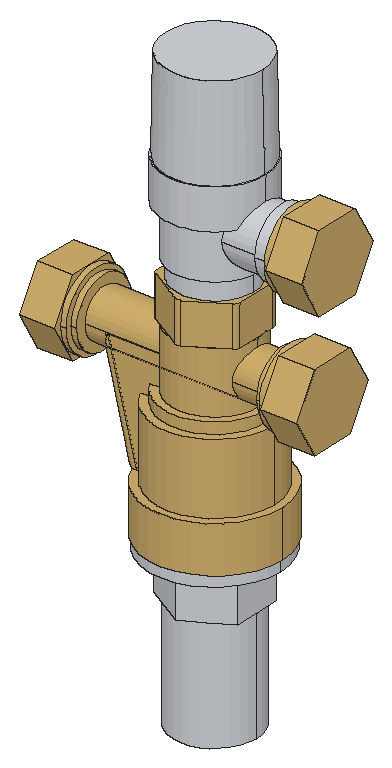
Revit family
Parameters (values of type "KHN3.104")
  URL = "http://www.autospec.co.za/browse.php?id=1644179288"
  Radius of Pipe = Diameter of Pipe / 2  # 7.5 mm
  Product Code = "KHN3.104"
  Pressure Rating = 400 kPa
  OmniClass Title = ""
  OmniClass Number = ""
  Modspec Classification = ""
  Specification = ""
  Location (revit room) = ""
  Model = "Pressure Control Mono Valve KHN3.104"
  Manufacturer = "Kwikot"  # constant formula
  Material = DZR Brass
  Diameter of Pipe = 15 mm
  Colour = none
  Body Finish = none
  Assembly Code = "D2090800"
Reference planes
  plane 1 "Center (Front/Back)": y = 0
  plane 2: z = 0
  plane 3 "Center (Left/Right)": x = 0
  plane 4: z = -102
  plane 5: z = 85
  plane 6: z = -67
  plane 7: x = 13
  plane 8: x = -13
  plane 9: z = -49.4
  plane 10: z = -34.9
  plane 11: z = -52.865
  plane 12: z = -12.9
  plane 13: z = -9.4
  plane 14: z = 9.6
  plane 15: z = 22.1
  plane 16: z = 28.1
  plane 17: z = 43.6
  plane 18: z = 56
  plane 19: x = 21.5
  plane 20: x = -34.5
  plane 21: x = 36.5
  plane 22: x = -49.5
  plane 23: x = 23.5
  plane 24: x = 25.5
  plane 25: x = -36.5
  plane 26: x = -38.5
  plane 27: z = 39.2
  plane 28: x = 38
  plane 29: x = 27
  plane 30: x = -6.5
Forms (mm)
  Extrusion 1, solid, detail levels fine
    sketch origin (-440, -1524, -102) x (-1, 0, 0) y (0, -1, 0)
      loop
        circle (-440, -1524) r 13
    from 0 to 35
  Extrusion 2, solid, detail levels fine
    sketch origin (-440, -1524, -67) x (-1, 0, 0) y (0, -1, 0)
      loop
        line (-453, -1531.506) -> (-440, -1539.011) -> (-427, -1531.506) -> (-427, -1516.494) -> (-440, -1508.989) -> (-453, -1516.494) -> (-453, -1531.506)
    from 0 to 14.135
  Extrusion 3, solid, detail levels fine
    sketch origin (-20.969, -1524, -52.865) x (-1, 0, 0) y (0, -1, 0)
      loop
        circle (-20.969, -1524) r 20.5
    from 0 to 3.465
  Extrusion 4, solid, material "DZR Brass" <- "Material", detail levels fine
    sketch origin (-165.612, -1524, -49.4) x (-1, 0, 0) y (0, -1, 0)
      loop
        circle (-165.612, -1524) r 21
    from 0 to 14.5
  Extrusion 5, solid, material "DZR Brass" <- "Material", detail levels fine
    sketch origin (0, 0, 0) x (0, 1, 0) y (0, 0, 1)
      loop
        circle (0, 0) r 7.5
    from 21.5 to -34.5
  Extrusion 6, solid, material "DZR Brass" <- "Material", detail levels fine
    sketch origin (-165.612, -1524, -34.9) x (-1, 0, 0) y (0, -1, 0)
      loop
        circle (-165.612, -1524) r 18.5
    from 0 to 22
  Extrusion 7, solid, material "DZR Brass" <- "Material", detail levels fine
    sketch origin (-60.699, -1524, -12.9) x (-1, 0, 0) y (0, -1, 0)
      loop
        circle (-60.699, -1524) r 16
    from 0 to 3.5
  Extrusion 8, solid, material "DZR Brass" <- "Material", detail levels fine
    sketch origin (-60.699, -1524, -9.4) x (-1, 0, 0) y (0, -1, 0)
      loop
        circle (-60.699, -1524) r 13.5
    from 0 to 19
  Blend 9, solid, material "DZR Brass" <- "Material", detail levels fine
    base sketch origin (-60.699, -1524, -9.4) x (-1, 0, 0) y (0, -1, 0)
      loop
        arc (-33.344, -1531.5) -> (-32.119, -1531.239) -> (-31.108, -1530.5) r 3
        arc (-31.108, -1530.5) -> (-28.625, -1524) -> (-31.108, -1517.5) r 9.75
        arc (-31.108, -1517.5) -> (-32.119, -1516.761) -> (-33.344, -1516.5) r 3
        line (-33.344, -1516.5) -> (-54.199, -1516.5) -> (-54.199, -1531.5) -> (-33.344, -1531.5)
    top sketch origin (-60.699, -1524, -9.4) x (-1, 0, 0) y (0, -1, 0)
      loop
        line (-54.199, -1531.5) -> (-41.076, -1531.5)
        arc (-41.076, -1531.5) -> (-39.522, -1530.951) -> (-38.659, -1529.548) r 2.472
        arc (-38.659, -1529.548) -> (-37.702, -1524.321) -> (-38.455, -1519.06) r 16.5
        arc (-38.455, -1519.06) -> (-40.056, -1517.196) -> (-42.412, -1516.5) r 4.338
        line (-42.412, -1516.5) -> (-54.199, -1516.5) -> (-54.199, -1531.5)
    from 9.4 to -25.5
  Extrusion 10, solid, material "DZR Brass" <- "Material", detail levels fine
    sketch origin (-60.699, -1524, 9.6) x (-1, 0, 0) y (0, -1, 0)
      loop
        line (-72.699, -1532.083) -> (-61.699, -1538.434)
        arc (-61.699, -1538.434) -> (-60.699, -1538.702) -> (-59.699, -1538.434) r 2
        line (-59.699, -1538.434) -> (-48.699, -1532.083)
        arc (-48.699, -1532.083) -> (-47.967, -1531.351) -> (-47.699, -1530.351) r 2
        line (-47.699, -1530.351) -> (-47.699, -1517.649)
        arc (-47.699, -1517.649) -> (-47.967, -1516.649) -> (-48.699, -1515.917) r 2
        line (-48.699, -1515.917) -> (-59.699, -1509.566)
        arc (-59.699, -1509.566) -> (-60.699, -1509.298) -> (-61.699, -1509.566) r 2
        line (-61.699, -1509.566) -> (-72.699, -1515.917)
        arc (-72.699, -1515.917) -> (-73.431, -1516.649) -> (-73.699, -1517.649) r 2
        line (-73.699, -1517.649) -> (-73.699, -1530.351)
        arc (-73.699, -1530.351) -> (-73.431, -1531.351) -> (-72.699, -1532.083) r 2
    from 0 to 12.5
  Extrusion 11, solid, detail levels fine
    sketch origin (-60.699, -1524, 22.1) x (-1, 0, 0) y (0, -1, 0)
      loop
        circle (-60.699, -1524) r 12.2
    from 0 to 6
  Extrusion 12, solid, detail levels fine
    sketch origin (-60.699, -1524, 28.1) x (-1, 0, 0) y (0, -1, 0)
      loop
        circle (-60.699, -1524) r 13.5
    from 0 to 15.5
  Extrusion 13, solid, detail levels fine
    sketch origin (-60.699, -1524, 43.6) x (-1, 0, 0) y (0, -1, 0)
      loop
        circle (-60.699, -1524) r 16
    from 0 to 12.4
  Blend 14, solid, detail levels fine
    base sketch origin (-60.699, -1524, 56) x (-1, 0, 0) y (0, -1, 0)
      loop
        circle (-60.699, -1524) r 15.5
    top sketch origin (-60.699, -1524, 56) x (-1, 0, 0) y (0, -1, 0)
      loop
        circle (-60.699, -1524) r 15
    from 0 to 29
  Extrusion 15, solid, material "DZR Brass" <- "Material", detail levels fine
    sketch origin (21.5, -1524, -21.263) x (0, 0, -1) y (0, -1, 0)
      loop
        circle (-21.263, -1524) r 10.5
    from 0 to -2
  Extrusion 16, solid, material "DZR Brass" <- "Material", detail levels fine
    sketch origin (-34.5, -1524, -21.263) x (0, 0, -1) y (0, -1, 0)
      loop
        circle (-21.263, -1524) r 10.5
    from 0 to 2
  Extrusion 17, solid, material "DZR Brass" <- "Material", detail levels fine
    sketch origin (21.5, -1524, -21.263) x (0, 0, -1) y (0, -1, 0)
      loop
        circle (-21.263, -1524) r 12
    from -2 to -4
  Extrusion 18, solid, material "DZR Brass" <- "Material", detail levels fine
    sketch origin (-34.5, -1524, -21.263) x (0, 0, -1) y (0, -1, 0)
      loop
        circle (-21.263, -1524) r 12
    from 2 to 4
  Extrusion 19, solid, material "DZR Brass" <- "Material", detail levels fine
    sketch origin (25.5, -1524, -21.263) x (0, 0, -1) y (0, -1, 0)
      loop
        line (-9.263, -1517.072) -> (-21.263, -1510.144) -> (-33.263, -1517.072) -> (-33.263, -1530.928) -> (-21.263, -1537.856) -> (-9.263, -1530.928) -> (-9.263, -1517.072)
    from 0 to -11
  Extrusion 20, solid, material "DZR Brass" <- "Material", detail levels fine
    sketch origin (-38.5, -1524, -21.263) x (0, 0, -1) y (0, -1, 0)
      loop
        line (-33.263, -1517.072) -> (-33.263, -1530.928) -> (-21.263, -1537.856) -> (-9.263, -1530.928) -> (-9.263, -1517.072) -> (-21.263, -1510.144) -> (-33.263, -1517.072)
    from 0 to 11
  Extrusion 21, solid, detail levels fine
    sketch origin (0, 0, 0) x (0, 1, 0) y (0, 0, 1)
      loop
        circle (0, 39.2) r 9.5
    from 0 to 20.8
  Extrusion 22, solid, detail levels fine
    sketch origin (0, 0, 0) x (0, 1, 0) y (0, 0, 1)
      loop
        circle (0, 39.2) r 10.45
    from 20.8 to 25
  Extrusion 23, solid, material "DZR Brass" <- "Material", detail levels fine
    sketch origin (0, 0, 0) x (0, 1, 0) y (0, 0, 1)
      loop
        circle (0, 39.2) r 12
    from 25 to 27
  Extrusion 24, solid, material "DZR Brass" <- "Material", detail levels fine
    sketch origin (38, -1524, 63.742) x (0, 0, 1) y (0, -1, 0)
      loop
        line (-12.542, -1517.072) -> (-24.542, -1510.144) -> (-36.542, -1517.072) -> (-36.542, -1530.928) -> (-24.542, -1537.856) -> (-12.542, -1530.928) -> (-12.542, -1517.072)
    from 0 to -11
Cuts and joins
  joined: Extrusion 11, Extrusion 12, Extrusion 13, Blend 14, Extrusion 21, Extrusion 22
  joined: Extrusion 23, Extrusion 24
  joined: Extrusion 1, Extrusion 2, Extrusion 3
  joined: Extrusion 5, Extrusion 10, Extrusion 15, Extrusion 16, Extrusion 17, Extrusion 18, Extrusion 19, Extrusion 20
  joined: Extrusion 4, Extrusion 6, Extrusion 7, Extrusion 8, Blend 9
Lines and regions (mm)
  model lines
    curve 1: line (-6.5, 0, 0) -> (-6.5, 27.166, 0)
    curve 2: line (-16.5, 27.166, 0) -> (3.5, 27.166, 0)
    curve 3: arc (-16.5, 27.166, 0) -> (-6.5, 30.985, 0) -> (3.5, 27.166, 0) r 15
    curve 4: line (-6.5, 30.985, 0) -> (-6.5, 42.166, 0)
    curve 5: line (-6.5, 42.166, 0) -> (29.75, 42.166, 0)
    curve 6: line (29.75, 42.166, 0) -> (29.75, 0, 0)
    curve 7: line (-34.5, -10.5, 0) -> (-34.5, 10.5, 0)
    curve 8: line (-34.5, 10.5, 0) -> (21.5, -10.5, 0)
    curve 9: line (-34.5, -10.5, 0) -> (21.5, 10.5, 0)
    curve 10: line (21.5, -10.5, 0) -> (21.5, 10.5, 0)
    curve 11: line (-34.5, 0, 0) -> (-49.5, 0, 0)
    curve 12: line (21.5, 0, 0) -> (36.5, 0, 0)
Dimensions and locks
  level to plane 4 = 102 mm
  plane 6 to plane 4 = 35 mm
  plane 8 to plane 7 = 26 mm
  plane 3 "Center (Left/Right)" to plane 19 = 21.5 mm
  plane 20 to plane 19 = 56 mm
  plane 3 "Center (Left/Right)" to plane 21 = 36.5 mm
  plane 22 to plane 3 "Center (Left/Right)" = 49.5 mm
  plane 27 to plane 2 = 39.2 mm
  plane 28 to plane 3 "Center (Left/Right)" = 38 mm
  plane 28 to plane 29 = 11 mm
  plane 29 to plane 3 "Center (Left/Right)" = 27 mm
  "Radius of Pipe": plane 1 "Center (Front/Back)" to Blend 9 sketch curve
  equal spacing: Blend 9 sketch curve, plane 1 "Center (Front/Back)", Blend 9 sketch curve
  plane 20 to Blend 9 sketch curve = 2.426 mm
  plane 20 to Blend 9 sketch curve = 11.5 mm
  radius of Extrusion 1 sketch curve = 13 mm
  "Radius of Pipe": radius of Extrusion 5 sketch curve
  radius of Extrusion 21 sketch curve = 9.5 mm
  radius of Extrusion 23 sketch curve = 12 mm
  radius of Extrusion 22 sketch curve = 10.45 mm
  aligned and locked: level to plane 2
  aligned and locked: plane 6 to Extrusion 1
  aligned and locked: Extrusion 1 to plane 4
  aligned and locked: plane 11 to Extrusion 2
  aligned and locked: Extrusion 2 to plane 6
  aligned and locked: plane 9 to Extrusion 3
  aligned and locked: Extrusion 3 to Extrusion 2
  aligned and locked: plane 10 to Extrusion 4
  aligned and locked: Extrusion 4 to plane 9
  aligned and locked: plane 12 to Extrusion 6
  aligned and locked: Extrusion 6 to plane 10
  aligned and locked: plane 13 to Extrusion 7
  aligned and locked: Extrusion 7 to plane 12
  aligned and locked: plane 14 to Extrusion 8
  aligned and locked: Extrusion 8 to Extrusion 7
  aligned and locked: plane 15 to Extrusion 10
  aligned and locked: Extrusion 10 to Extrusion 8
  aligned and locked: plane 16 to Extrusion 11
  aligned and locked: Extrusion 11 to plane 15
  aligned and locked: plane 17 to Extrusion 12
  aligned and locked: Extrusion 12 to plane 16
  aligned and locked: plane 18 to Extrusion 13
  aligned and locked: Extrusion 13 to plane 17
  aligned and locked: plane 5 to Blend 14
  aligned and locked: Blend 14 to plane 18
  aligned and locked: plane 20 to Extrusion 5
  aligned and locked: Extrusion 5 to plane 19
  aligned: Extrusion 16 sketch curve to Extrusion 15
  aligned and locked: Extrusion 16 sketch curve to Extrusion 15
  aligned and locked: Extrusion 17 to Extrusion 15
  aligned: Extrusion 18 sketch curve to Extrusion 17
  aligned and locked: Extrusion 18 sketch curve to Extrusion 17
  aligned and locked: Extrusion 15 to plane 23
  aligned and locked: plane 23 to Extrusion 17
  aligned and locked: Extrusion 17 to plane 24
  aligned and locked: plane 25 to Extrusion 16
  aligned and locked: Extrusion 18 to Extrusion 16
  aligned and locked: plane 26 to Extrusion 18
  aligned and locked: Extrusion 19 to Extrusion 17
  aligned and locked: Extrusion 19 to plane 21
  aligned and locked: plane 22 to Extrusion 20
  aligned and locked: Extrusion 20 to Extrusion 18
  aligned and locked: plane 1 "Center (Front/Back)" to Extrusion 21 sketch curve
  aligned and locked: plane 27 to Extrusion 21 sketch curve
  aligned and locked: plane 27 to Extrusion 22 sketch curve
  aligned and locked: plane 1 "Center (Front/Back)" to Extrusion 22 sketch curve
  aligned and locked: plane 27 to Extrusion 23 sketch curve
  aligned and locked: plane 1 "Center (Front/Back)" to Extrusion 23 sketch curve
  aligned and locked: plane 29 to Extrusion 23
  aligned and locked: plane 28 to Extrusion 24
  aligned and locked: Extrusion 24 to plane 29
  aligned and locked: plane 30 to Blend 9 sketch curve
  aligned and locked: plane 1 "Center (Front/Back)" to Blend 9 sketch curve
  aligned and locked: Blend 9 sketch curve to var sketch  (x2)
  aligned and locked: var sketch to Blend 9 sketch curve
  aligned and locked: cut or joined group of Extrusion 5, Extrusion 10, Extrusion 15, Extrusion 16, Extrusion 17, Extrusion 18, Extrusion 19, Extrusion 20 to curve 12
Automatic sketch dimensions
  plane 1 "Center (Front/Back)" to Extrusion 1 sketch curve = 0 mm
  Extrusion 1 sketch curve to plane 3 "Center (Left/Right)" = 0 mm
  Extrusion 2 sketch curve to plane 7 = 0 mm
  Extrusion 2 sketch curve to plane 3 "Center (Left/Right)" = 0 mm  (x2)
  Extrusion 2 sketch curve to plane 8 = 0 mm
  Extrusion 2 sketch curve to plane 1 "Center (Front/Back)" = 15.011 mm
  Extrusion 2 sketch curve to plane 1 "Center (Front/Back)" = 7.506 mm  (x2)
  plane 1 "Center (Front/Back)" to Extrusion 2 sketch curve = 7.506 mm  (x2)
  Extrusion 2 sketch curve to Extrusion 2 sketch curve = 7.506 mm
  plane 1 "Center (Front/Back)" to Extrusion 3 sketch curve = 0 mm
  Extrusion 3 sketch curve to plane 3 "Center (Left/Right)" = 0 mm
  plane 1 "Center (Front/Back)" to Extrusion 4 sketch curve = 0 mm
  Extrusion 4 sketch curve to plane 3 "Center (Left/Right)" = 0 mm
  Extrusion 5 sketch curve to level = 0 mm
  Extrusion 5 sketch curve to plane 1 "Center (Front/Back)" = 0 mm
  plane 1 "Center (Front/Back)" to Extrusion 6 sketch curve = 0 mm
  Extrusion 6 sketch curve to plane 3 "Center (Left/Right)" = 0 mm
  plane 1 "Center (Front/Back)" to Extrusion 7 sketch curve = 0 mm
  Extrusion 7 sketch curve to plane 3 "Center (Left/Right)" = 0 mm
  plane 1 "Center (Front/Back)" to Extrusion 8 sketch curve = 0 mm
  Extrusion 8 sketch curve to plane 3 "Center (Left/Right)" = 0 mm
  Extrusion 10 sketch curve to plane 7 = 0 mm
  Extrusion 10 sketch curve to plane 3 "Center (Left/Right)" = 0 mm  (x2)
  Extrusion 10 sketch curve to plane 8 = 0 mm
  plane 7 to Extrusion 10 sketch curve = 1 mm  (x2)
  Extrusion 10 sketch curve to Extrusion 10 sketch curve = 2 mm  (x2)
  plane 3 "Center (Left/Right)" to Extrusion 10 sketch curve = 1 mm  (x2)
  Extrusion 10 sketch curve to plane 3 "Center (Left/Right)" = 1 mm  (x2)
  Extrusion 10 sketch curve to plane 8 = 2 mm  (x2)
  Extrusion 10 sketch curve to plane 8 = 1 mm  (x2)
  Extrusion 10 sketch curve to plane 1 "Center (Front/Back)" = 14.434 mm
  Extrusion 10 sketch curve to Extrusion 10 sketch curve = 1.732 mm  (x2)
  Extrusion 10 sketch curve to plane 1 "Center (Front/Back)" = 8.083 mm  (x2)
  plane 1 "Center (Front/Back)" to Extrusion 10 sketch curve = 6.351 mm  (x2)
  Extrusion 10 sketch curve to Extrusion 10 sketch curve = 6.351 mm
  plane 1 "Center (Front/Back)" to Extrusion 11 sketch curve = 0 mm
  Extrusion 11 sketch curve to plane 3 "Center (Left/Right)" = 0 mm
  plane 1 "Center (Front/Back)" to Extrusion 12 sketch curve = 0 mm
  Extrusion 12 sketch curve to plane 3 "Center (Left/Right)" = 0 mm
  plane 1 "Center (Front/Back)" to Extrusion 13 sketch curve = 0 mm
  Extrusion 13 sketch curve to plane 3 "Center (Left/Right)" = 0 mm
  plane 1 "Center (Front/Back)" to Blend 14 sketch curve = 0 mm  (x2)
  Blend 14 sketch curve to plane 3 "Center (Left/Right)" = 0 mm  (x2)
  Extrusion 15 sketch curve to level = 0 mm
  Extrusion 15 sketch curve to plane 1 "Center (Front/Back)" = 0 mm
  Extrusion 17 sketch curve to level = 0 mm
  Extrusion 17 sketch curve to plane 1 "Center (Front/Back)" = 0 mm
  Extrusion 19 sketch curve to level = 0 mm  (x2)
  plane 14 to Extrusion 19 sketch curve = 2.4 mm
  plane 12 to Extrusion 19 sketch curve = 0.9 mm
  Extrusion 19 sketch curve to plane 1 "Center (Front/Back)" = 13.856 mm
  Extrusion 19 sketch curve to plane 1 "Center (Front/Back)" = 6.928 mm  (x2)
  plane 1 "Center (Front/Back)" to Extrusion 19 sketch curve = 6.928 mm  (x2)
  plane 1 "Center (Front/Back)" to Extrusion 19 sketch curve = 13.856 mm
  Extrusion 20 sketch curve to level = 0 mm  (x2)
  plane 14 to Extrusion 20 sketch curve = 2.4 mm
  plane 12 to Extrusion 20 sketch curve = 0.9 mm
  Extrusion 20 sketch curve to plane 1 "Center (Front/Back)" = 13.856 mm
  Extrusion 20 sketch curve to plane 1 "Center (Front/Back)" = 6.928 mm  (x2)
  plane 1 "Center (Front/Back)" to Extrusion 20 sketch curve = 6.928 mm  (x2)
  Extrusion 20 sketch curve to Extrusion 20 sketch curve = 6.928 mm
  Blend 9 sketch curve to Blend 9 sketch curve = 2.236 mm  (x2)
  Blend 9 sketch curve to Blend 9 sketch curve = 0 mm  (x4)
  Blend 9 sketch curve to Blend 9 sketch curve = 2 mm
  plane 1 "Center (Front/Back)" to Blend 9 sketch curve = 0 mm
  Blend 9 sketch curve to plane 30 = 0 mm
  Blend 9 sketch curve to Blend 9 sketch curve = 2.417 mm
  Blend 9 sketch curve to Blend 9 sketch curve = 1.778 mm
  plane 1 "Center (Front/Back)" to curve 11 = 0 mm
  curve 11 to plane 22 = 0 mm
  curve 11 to plane 20 = 0 mm
  curve 5 to plane 30 = 0 mm
  curve 1 to plane 30 = 0 mm
  curve 3 to plane 30 = 0 mm
  curve 8 to plane 19 = 0 mm
  plane 1 "Center (Front/Back)" to curve 6 = 0 mm
  plane 1 "Center (Front/Back)" to curve 1 = 0 mm
  plane 8 to curve 2 = 3.5 mm
  plane 29 to curve 5 = 2.75 mm
  plane 1 "Center (Front/Back)" to curve 7 = 10.5 mm
  curve 10 to curve 12 = 10.5 mm
  curve 9 to plane 1 "Center (Front/Back)" = 10.5 mm
  curve 1 to curve 3 = 15.985 mm
  curve 3 to curve 3 = 11.18 mm
  curve 3 to curve 6 = 15 mm
  radius of Extrusion 3 sketch curve = 20.5 mm
  radius of Extrusion 4 sketch curve = 21 mm
  radius of Extrusion 6 sketch curve = 18.5 mm
  radius of Extrusion 7 sketch curve = 16 mm
  radius of Extrusion 8 sketch curve = 13.5 mm
  radius of Extrusion 11 sketch curve = 12.2 mm
  radius of Extrusion 12 sketch curve = 13.5 mm
  radius of Extrusion 13 sketch curve = 16 mm
  radius of Blend 14 sketch curve = 15.5 mm
  radius of Blend 14 sketch curve = 15 mm
  radius of Extrusion 15 sketch curve = 10.5 mm
  radius of Extrusion 17 sketch curve = 12 mm
Connectors
  piping at (-49.5, 0, 0), driven by "Radius of Pipe"
    settings: on Extrusion 20, index 1, connector radius 7.5 mm, flow factor 0, pipe flow 0.0 L/s, pressure drop 0 kPa, fitting loss kfactor 0, connector angle 0.00°, fixture units 0, flow configuration 0, flow direction 1, fitting loss method 0, system type 29, connector reference index 2, connector utility 0, adjustable connector yes, is connector primary yes, fitting loss table "", connector description "Pipe Connector"
  piping at (36.5, 0, 0), driven by "Radius of Pipe"
    settings: on Extrusion 19, index 2, connector radius 7.5 mm, flow factor 0, pipe flow 0.0 L/s, pressure drop 0 kPa, fitting loss kfactor 0, connector angle 0.00°, fixture units 0, flow configuration 0, flow direction 2, fitting loss method 0, system type 29, connector reference index 1, connector utility 0, adjustable connector yes, is connector primary no, fitting loss table "", connector description "Pipe Connector"
  piping at (38, 0, 39.2), driven by "Radius of Pipe"
    settings: on cut or joined group of Extrusion 23, Extrusion 24, index 3, connector radius 7.5 mm, flow factor 0, pipe flow 0.0 L/s, pressure drop 0 kPa, fitting loss kfactor 0, connector angle 0.00°, fixture units 0, flow configuration 0, flow direction 2, fitting loss method 0, system type 29, connector reference index -1, connector utility 0, adjustable connector yes, is connector primary no, fitting loss table "", connector description "Pipe Connector"
